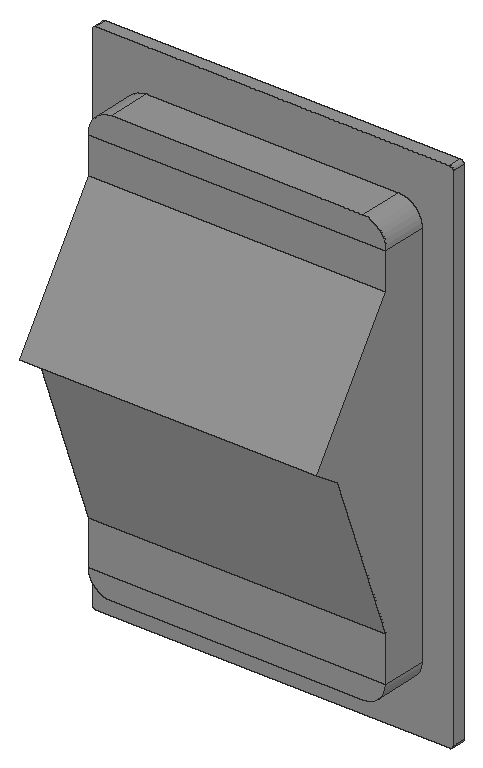
Revit family "L&L_LUCE&LIGHT_PASITO_MINI_1.1", category Lighting Fixtures, host Wall, Revit 2018 (continued)
Parameters (values of type "PASITO_MINI_1.1 – 60°")
    00 0.00 \r\n0.00 0.00 0.00 0.00 0.00 0.00 0.00 0.00 0.00 0.00 0.00 \r\n0.00 0.00 0.00 0.00 0.00 0.00 0.00 0.00 0.00 0.00 0.00 \r\n0.00 0.00 0.00 0.00 0.00 0.00 0.00 0.00 0.00 0.00 0.00 \r\n0.00 0.00 0.00 0.01 0.02 \r\n0.01 0.01 0.01 0.00 0.00 0.00 0.00 0.00 0.00 0.00 0.00 \r\n0.00 0.00 0.00 0.00 0.00 0.00 0.00 0.00 0.00 0.00 0.00 \r\n0.00 0.00 0.00 0.00 0.00 0.00 0.00 0.00 0.00 0.00 0.00 \r\n0.00 0.00 0.00 0.00 0.00 0.00 0.00 0.00 0.00 0.00 0.00 \r\n0.00 0.00 0.00 0.00 0.00 0.00 0.00 0.00 0.00 0.00 0.00 \r\n0.00 0.00 0.00 0.00 0.00 0.00 0.00 0.00 0.00 0.00 0.00 \r\n0.00 0.00 0.00 0.00 0.00 0.00 0.00 0.00 0.00 0.00 0.00 \r\n0.00 0.00 0.00 0.00 0.00 0.00 0.00 0.00 0.00 0.00 0.00 \r\n0.00 0.00 0.00 0.00 0.00 0.00 0.00 0.00 0.00 0.00 0.00 \r\n0.00 0.00 0.00 0.00 0.00 0.00 0.00 0.00 0.00 0.00 0.00 \r\n0.00 0.00 0.00 0.00 0.00 0.00 0.00 0.00 0.00 0.00 0.00 \r\n0.00 0.00 0.00 0.00 0.00 0.00 0.00 0.00 0.00 0.00 0.00 \r\n0.00 0.00 0.00 0.00 0.00 0.00 0.00 0.00 0.00 0.00 0.00 \r\n0.00 0.00 0.00 0.00 0.00 0.00 0.00 0.00 0.00 0.00 0.00 \r\n0.00 0.00 0.00 0.00 0.00 0.00 0.00 0.00 0.00 0.00 0.00 \r\n0.00 0.00 0.00 0.00 0.00 0.00 0.00 0.00 0.00 0.00 0.00 \r\n0.00 0.00 0.00 0.01 0.02 \r\n0.01 0.01 0.01 0.01 0.00 0.00 0.00 0.00 0.00 0.00 0.00 \r\n0.00 0.00 0.00 0.00 0.00 0.00 0.00 0.00 0.00 0.00 0.00 \r\n0.00 0.00 0.00 0.00 0.00 0.00 0.00 0.00 0.00 0.00 0.00 \r\n0.00 0.00 0.00 0.00 0.00 0.00 0.00 0.00 0.00 0.00 0.00 \r\n0.00 0.00 0.00 0.00 0.00 0.00 0.00 0.00 0.00 0.00 0.00 \r\n0.00 0.00 0.00 0.00 0.00 0.00 0.00 0.00 0.00 0.00 0.00 \r\n0.00 0.00 0.00 0.00 0.00 0.00 0.00 0.00 0.00 0.00 0.00 \r\n0.00 0.00 0.00 0.00 0.00 0.00 0.00 0.00 0.00 0.00 0.00 \r\n0.00 0.00 0.00 0.00 0.00 0.00 0.00 0.00 0.00 0.00 0.00 \r\n0.00 0.00 0.00 0.00 0.00 0.00 0.00 0.00 0.00 0.00 0.00 \r\n0.00 0.00 0.00 0.00 0.00 0.00 0.00 0.00 0.00 0.00 0.00 \r\n0.00 0.00 0.00 0.00 0.00 0.00 0.00 0.00 0.00 0.00 0.00 \r\n0.00 0.00 0.00 0.00 0.00 0.00 0.00 0.00 0.00 0.00 0.00 \r\n0.00 0.00 0.00 0.00 0.00 0.00 0.00 0.00 0.00 0.00 0.00 \r\n0.00 0.00 0.00 0.00 0.00 0.00 0.00 0.00 0.00 0.00 0.00 \r\n0.00 0.00 0.00 0.00 0.00 0.00 0.00 0.00 0.00 0.00 0.00 \r\n0.00 0.00 0.01 0.01 0.02 \r\n0.01 0.01 0.02 0.01 0.01 0.00 0.00 0.00 0.00 0.00 0.00 \r\n0.00 0.00 0.00 0.00 0.00 0.00 0.00 0.00 0.00 0.00 0.00 \r\n0.00 0.00 0.00 0.00 0.00 0.00 0.00 0.00 0.00 0.00 0.00 \r\n0.00 0.00 0.00 0.00 0.00 0.00 0.00 0.00 0.00 0.00 0.00 \r\n0.00 0.00 0.00 0.00 0.00 0.00 0.00 0.00 0.00 0.00 0.00 \r\n0.00 0.00 0.00 0.00 0.00 0.00 0.00 0.00 0.00 0.00 0.00 \r\n0.00 0.00 0.00 0.00 0.00 0.00 0.00 0.00 0.00 0.00 0.00 \r\n0.00 0.00 0.00 0.00 0.00 0.00 0.00 0.00 0.00 0.00 0.00 \r\n0.00 0.00 0.00 0.00 0.00 0.00 0.00 0.00 0.00 0.00 0.00 \r\n0.00 0.00 0.00 0.00 0.00 0.00 0.00 0.00 0.00 0.00 0.00 \r\n0.00 0.00 0.00 0.00 0.00 0.00 0.00 0.00 0.00 0.00 0.00 \r\n0.00 0.00 0.00 0.00 0.00 0.00 0.00 0.00 0.00 0.00 0.00 \r\n0.00 0.00 0.00 0.00 0.00 0.00 0.00 0.00 0.00 0.00 0.00 \r\n0.00 0.00 0.00 0.00 0.00 0.00 0.00 0.00 0.00 0.00 0.00 \r\n0.00 0.00 0.00 0.00 0.00 0.00 0.00 0.00 0.00 0.00 0.00 \r\n0.00 0.00 0.00 0.00 0.00 0.00 0.00 0.00 0.00 0.00 0.00 \r\n0.00 0.01 0.01 0.01 0.02 \r\n0.01 0.02 0.02 0.02 0.02 0.02 0.02 0.01 0.01 0.01 0.00 \r\n0.00 0.00 0.00 0.00 0.00 0.00 0.00 0.00 0.00 0.00 0.00 \r\n0.00 0.00 0.00 0.00 0.00 0.00 0.00 0.00 0.00 0.00 0.00 \r\n0.00 0.00 0.00 0.00 0.00 0.00 0.00 0.00 0.00 0.00 0.00 \r\n0.00 0.00 0.00 0.00 0.00 0.00 0.00 0.00 0.00 0.00 0.00 \r\n0.00 0.00 0.00 0.00 0.00 0.00 0.00 0.00 0.00 0.00 0.00 \r\n0.00 0.00 0.00 0.00 0.00 0.00 0.00 0.00 0.00 0.00 0.00 \r\n0.00 0.00 0.00 0.00 0.00 0.00 0.00 0.00 0.00 0.00 0.00 \r\n0.00 0.00 0.00 0.00 0.00 0.00 0.00 0.00 0.00 0.00 0.00 \r\n0.00 0.00 0.00 0.00 0.00 0.00 0.00 0.00 0.00 0.00 0.00 \r\n0.00 0.00 0.00 0.00 0.00 0.00 0.00 0.00 0.00 0.00 0.00 \r\n0.00 0.00 0.00 0.00 0.00 0.00 0.00 0.00 0.00 0.00 0.00 \r\n0.00 0.00 0.00 0.00 0.00 0.00 0.00 0.00 0.00 0.00 0.00 \r\n0.00 0.00 0.00 0.00 0.00 0.00 0.00 0.00 0.00 0.00 0.00 \r\n0.00 0.00 0.00 0.00 0.00 0.00 0.00 0.00 0.00 0.00 0.00 \r\n0.00 0.00 0.00 0.00 0.00 0.00 0.00 0.01 0.01 0.01 0.01 \r\n0.01 0.01 0.01 0.01 0.02 \r\n0.01 0.02 0.02 0.02 0.03 0.03 0.03 0.04 0.04 0.04 0.05 \r\n0.05 0.05 0.06 0.06 0.07 0.07 0.07 0.08 0.08 0.09 0.09 \r\n0.10 0.10 0.10 0.11 0.11 0.12 0.12 0.13 0.13 0.14 0.14 \r\n0.15 0.15 0.16 0.16 0.16 0.17 0.17 0.18 0.18 0.19 0.19 \r\n0.19 0.20 0.20 0.21 0.21 0.21 0.22 0.22 0.23 0.23 0.23 \r\n0.24 0.24 0.25 0.25 0.25 0.26 0.26 0.26 0.27 0.27 0.27 \r\n0.28 0.28 0.28 0.29 0.29 0.29 0.30 0.30 0.30 0.31 0.31 \r\n0.31 0.31 0.31 0.32 0.32 0.32 0.32 0.32 0.32 0.33 0.33 \r\n0.33 0.33 0.33 0.33 0.33 0.33 0.33 0.33 0.33 0.33 0.33 \r\n0.33 0.33 0.33 0.32 0.32 0.32 0.32 0.32 0.31 0.31 0.31 \r\n0.31 0.30 0.30 0.30 0.29 0.29 0.29 0.28 0.28 0.28 0.27 \r\n0.27 0.26 0.26 0.25 0.25 0.24 0.24 0.23 0.23 0.23 0.22 \r\n0.22 0.21 0.21 0.20 0.20 0.19 0.19 0.18 0.18 0.17 0.17 \r\n0.16 0.16 0.15 0.15 0.14 0.14 0.13 0.13 0.12 0.12 0.11 \r\n0.11 0.10 0.10 0.09 0.09 0.08 0.08 0.07 0.07 0.06 0.06 \r\n0.05 0.05 0.04 0.04 0.03 0.03 0.03 0.02 0.02 0.02 0.02 \r\n0.02 0.02 0.02 0.02 0.02 \r\n0.01 0.02 0.04 0.06 0.08 0.10 0.12 0.15 0.18 0.21 0.24 \r\n0.26 0.30 0.36 0.41 0.46 0.51 0.56 0.60 0.65 0.71 0.77 \r\n0.83 0.88 0.94 0.98 1.01 1.04 1.08 1.11 1.15 1.18 1.21 \r\n1.23 1.26 1.28 1.31 1.35 1.38 1.42 1.45 1.49 1.51 1.53 \r\n1.55 1.57 1.59 1.61 1.63 1.65 1.66 1.68 1.69 1.70 1.71 \r\n1.72 1.73 1.75 1.76 1.77 1.78 1.78 1.78 1.77 1.77 1.76 \r\n1.75 1.75 1.75 1.75 1.75 1.74 1.73 1.72 1.71 1.70 1.69 \r\n1.67 1.66 1.65 1.64 1.62 1.61 1.60 1.58 1.57 1.55 1.53 \r\n1.51 1.50 1.48 1.47 1.46 1.45 1.43 1.42 1.40 1.38 1.36 \r\n1.34 1.33 1.31 1.29 1.28 1.26 1.25 1.23 1.20 1.18 1.16 \r\n1.13 1.11 1.09 1.07 1.05 1.03 1.01 0.98 0.96 0.94 0.92 \r\n0.89 0.87 0.85 0.83 0.81 0.79 0.77 0.75 0.73 0.71 0.69 \r\n0.67 0.64 0.62 0.60 0.58 0.56 0.54 0.53 0.51 0.49 0.47 \r\n0.46 0.44 0.42 0.41 0.39 0.37 0.35 0.33 0.32 0.30 0.28 \r\n0.27 0.25 0.24 0.22 0.21 0.20 0.18 0.17 0.15 0.14 0.13 \r\n0.11 0.10 0.09 0.08 0.07 0.06 0.06 0.05 0.04 0.04 0.03 \r\n0.03 0.02 0.02 0.02 0.02 \r\n0.01 0.03 0.06 0.09 0.15 0.22 0.28 0.39 0.50 0.62 0.74 \r\n0.86 0.97 1.08 1.18 1.28 1.37 1.46 1.55 1.64 1.74 1.84 \r\n1.96 2.09 2.24 2.39 2.50 2.57 2.63 2.67 2.68 2.74 2.80 \r\n2.85 2.90 2.95 2.99 3.03 3.09 3.14 3.19 3.25 3.31 3.37 \r\n3.44 3.50 3.56 3.61 3.64 3.67 3.70 3.73 3.76 3.79 3.81 \r\n3.83 3.84 3.85 3.85 3.86 3.87 3.87 3.87 3.87 3.86 3.85 \r\n3.84 3.83 3.81 3.79 3.77 3.74 3.71 3.68 3.64 3.61 3.57 \r\n3.54 3.50 3.46 3.42 3.37 3.33 3.29 3.24 3.19 3.14 3.09 \r\n3.04 2.98 2.93 2.87 2.82 2.77 2.72 2.68 2.63 2.59 2.55 \r\n2.51 2.47 2.43 2.39 2.35 2.31 2.26 2.22 2.18 2.14 2.09 \r\n2.05 2.01 1.97 1.93 1.89 1.85 1.80 1.76 1.72 1.68 1.64 \r\n1.60 1.56 1.52 1.49 1.45 1.41 1.38 1.34 1.31 1.27 1.24 \r\n1.20 1.16 1.13 1.09 1.06 1.03 0.99 0.96 0.93 0.90 0.86 \r\n0.83 0.80 0.77 0.74 0.71 0.67 0.64 0.61 0.59 0.56 0.53 \r\n0.51 0.48 0.45 0.42 0.40 0.37 0.35 0.32 0.30 0.28 0.25 \r\n0.23 0.21 0.19 0.17 0.15 0.13 0.11 0.10 0.08 0.06 0.05 \r\n0.04 0.03 0.02 0.02 0.02 \r\n0.01 0.04 0.08 0.15 0.25 0.43 0.60 0.79 0.97 1.13 1.28 \r\n1.40 1.52 1.62 1.74 1.90 2.09 2.33 2.59 2.90 3.23 3.61 \r\n4.00 4.42 4.80 5.20 5.53 5.84 6.07 6.25 6.37 6.47 6.55 \r\n6.63 6.69 6.72 6.75 6.79 6.87 6.96 7.04 7.12 7.17 7.22 \r\n7.27 7.32 7.39 7.44 7.49 7.51 7.53 7.54 7.56 7.58 7.62 \r\n7.64 7.64 7.63 7.62 7.61 7.60 7.58 7.55 7.50 7.44 7.37 \r\n7.29 7.22 7.14 7.07 6.99 6.91 6.82 6.73 6.64 6.55 6.45 \r\n6.35 6.26 6.16 6.07 5.97 5.88 5.78 5.68 5.57 5.47 5.37 \r\n5.27 5.16 5.05 4.93 4.81 4.68 4.54 4.39 4.23 4.07 3.90 \r\n3.75 3.62 3.50 3.41 3.33 3.27 3.21 3.15 3.09 3.03 2.97 \r\n2.91 2.85 2.80 2.74 2.69 2.63 2.58 2.52 2.47 2.41 2.36 \r\n2.31 2.26 2.21 2.16 2.10 2.05 2.00 1.95 1.90 1.85 1.80 \r\n1.74 1.69 1.64 1.59 1.55 1.51 1.46 1.41 1.36 1.32 1.27 \r\n1.23 1.18 1.14 1.09 1.05 1.00 0.96 0.92 0.88 0.84 0.80 \r\n0.75 0.71 0.67 0.63 0.59 0.56 0.52 0.48 0.45 0.42 0.39 \r\n0.35 0.32 0.29 0.26 0.23 0.20 0.18 0.15 0.13 0.10 0.08 \r\n0.05 0.03 0.02 0.02 0.02 \r\n0.01 0.04 0.10 0.21 0.43 0.70 0.95 1.16 1.34 1.49 1.61 \r\n1.77 1.97 2.27 2.66 3.11 3.61 4.17 4.79 5.50 6.22 6.95 \r\n7.68 8.42 9.12 10.00 10.78 11.44 12.00 12.38 12.61 12.73 \r\n12.80 12.91 12.97 12.99 12.95 12.92 12.96 13.05 13.14 \r\n13.19 13.19 13.17 13.18 13.18 13.20 13.18 13.15 13.11 \r\n13.07 13.02 12.96 12.89 12.80 12.74 12.66 12.60 12.52 \r\n12.43 12.33 12.21 12.08 11.94 11.79 11.63 11.47 11.29 \r\n11.11 10.94 10.76 10.58 10.39 10.21 10.03 9.84 9.66 9.48 \r\n9.31 9.13 8.95 8.78 8.60 8.43 8.25 8.08 7.91 7.74 7.57 \r\n7.40 7.23 7.07 6.90 6.73 6.54 6.34 6.13 5.90 5.66 5.41 \r\n5.14 4.88 4.63 4.41 4.23 4.10 4.01 3.95 3.90 3.86 3.80 \r\n3.74 3.67 3.60 3.53 3.46 3.39 3.33 3.26 3.20 3.13 3.06 \r\n2.99 2.92 2.85 2.79 2.73 2.67 2.60 2.53 2.46 2.40 2.34 \r\n2.27 2.20 2.14 2.07 2.01 1.95 1.89 1.82 1.76 1.69 1.63 \r\n1.57 1.51 1.45 1.39 1.34 1.28 1.23 1.17 1.11 1.06 1.00 \r\n0.95 0.90 0.84 0.79 0.74 0.69 0.65 0.60 0.56 0.51 0.47 \r\n0.43 0.39 0.35 0.31 0.27 0.24 0.21 0.18 0.14 0.11 0.07 \r\n0.04 0.02 0.02 0.02 \r\n0.01 0.05 0.13 0.33 0.64 0.97 1.24 1.43 1.59 1.77 2.04 \r\n2.42 2.91 3.49 4.18 4.99 5.91 6.89 7.86 8.92 10.16 11.55 \r\n13.02 14.51 16.14 17.80 19.37 20.81 22.16 23.21 23.76 \r\n23.83 23.65 23.53 23.52 23.54 23.56 23.50 23.42 23.41 \r\n23.36 23.25 23.12 23.04 22.94 22.83 22.72 22.62 22.50 \r\n22.33 22.12 21.94 21.76 21.61 21.45 21.28 21.07 20.84 \r\n20.58 20.33 20.09 19.88 19.65 19.41 19.14 18.85 18.53 \r\n18.19 17.83 17.47 17.11 16.76 16.42 16.07 15.71 15.32 \r\n14.93 14.53 14.12 13.72 13.31 12.92 12.53 12.15 11.77 \r\n11.40 11.05 10.70 10.36 10.04 9.73 9.43 9.15 8.87 8.60 \r\n8.32 8.04 7.76 7.47 7.17 6.87 6.58 6.29 6.01 5.74 5.49 \r\n5.27 5.08 4.93 4.82 4.73 4.66 4.59 4.53 4.46 4.38 4.30 \r\n4.22 4.13 4.04 3.96 3.87 3.79 3.71 3.62 3.54 3.45 3.37 \r\n3.29 3.21 3.12 3.03 2.95 2.86 2.77 2.69 2.61 2.53 2.45 \r\n2.37 2.29 2.21 2.13 2.06 1.98 1.90 1.83 1.75 1.68 1.61 \r\n1.54 1.47 1.40 1.33 1.26 1.19 1.13 1.06 1.00 0.94 0.88 \r\n0.82 0.76 0.70 0.65 0.59 0.54 0.49 0.44 0.39 0.35 0.31 \r\n0.27 0.22 0.18 0.14 0.09 0.05 0.03 0.02 0.02 \r\n0.01 0.06 0.15 0.44 0.85 1.20 1.44 1.61 1.86 2.27 2.80 \r\n3.43 4.18 5.08 6.18 7.42 8.72 10.16 11.87 13.81 15.91 \r\n18.28 20.95 23.75 26.69 29.87 33.01 35.68 37.75 39.22 \r\n40.09 40.49 40.46 40.22 40.17 40.33 40.40 40.26 40.04 \r\n39.89 39.84 39.75 39.57 39.35 39.09 38.76 38.43 38.19 \r\n38.01 37.78 37.44 37.07 36.70 36.30 35.89 35.47 35.01 \r\n34.48 33.93 33.45 32.99 32.52 31.98 31.42 30.86 30.30 \r\n29.69 29.05 28.38 27.71 27.04 26.37 25.67 24.95 24.23 \r\n23.49 22.75 21.98 21.19 20.38 19.56 18.74 17.93 17.15 \r\n16.40 15.68 15.00 14.35 13.73 13.16 12.62 12.13 11.67 \r\n11.23 10.82 10.41 10.02 9.63 9.25 8.88 8.53 8.18 7.86 \r\n7.54 7.24 6.95 6.67 6.42 6.19 6.00 5.85 5.72 5.62 5.52 \r\n5.43 5.34 5.24 5.13 5.03 4.92 4.82 4.71 4.61 4.51 4.41 \r\n4.31 4.20 4.10 4.00 3.89 3.79 3.68 3.58 3.48 3.37 3.27 \r\n3.17 3.07 2.98 2.88 2.77 2.68 2.58 2.49 2.39 2.30 2.21 \r\n2.13 2.04 1.96 1.87 1.78 1.69 1.60 1.52 1.44 1.36 1.28 \r\n1.21 1.13 1.05 0.98 0.91 0.84 0.78 0.72 0.65 0.59 0.53 \r\n0.48 0.42 0.37 0.32 0.27 0.22 0.17 0.12 0.07 0.03 0.02 \r\n0.02 \r\n0.01 0.06 0.21 0.59 1.03 1.37 1.58 1.85 2.36 3.01 3.75 \r\n4.66 5.77 7.15 8.67 10.26 12.20 14.54 17.09 19.96 23.38 \r\n27.18 31.34 35.82 40.02 43.76 47.10 49.82 51.81 52.93 \r\n53.29 53.70 54.47 55.21 55.70 56.06 56.38 56.65 56.97 \r\n57.33 57.61 57.64 57.47 57.33 57.25 57.13 56.94 56.63 \r\n56.21 55.76 55.32 54.85 54.31 53.68 53.00 52.27 51.49 \r\n50.72 49.95 49.14 48.27 47.35 46.37 45.36 44.35 43.37 \r\n42.37 41.32 40.20 39.05 37.92 36.79 35.65 34.45 33.22 \r\n31.93 30.63 29.34 28.03 26.72 25.42 24.15 22.90 21.70 \r\n20.57 19.50 18.51 17.60 16.76 15.98 15.27 14.61 14.00 \r\n13.42 12.87 12.33 11.81 11.32 10.84 10.40 9.98 9.59 9.23 \r\n8.90 8.60 8.31 8.04 7.78 7.53 7.28 7.06 6.85 6.67 6.52 \r\n6.40 6.29 6.18 6.06 5.93 5.82 5.69 5.56 5.43 5.31 5.19 \r\n5.06 4.94 4.82 4.70 4.58 4.45 4.33 4.22 4.10 3.98 3.86 \r\n3.74 3.62 3.50 3.38 3.26 3.14 3.03 2.92 2.81 2.69 2.59 \r\n2.49 2.39 2.28 2.18 2.07 1.98 1.88 1.78 1.67 1.58 1.50 \r\n1.40 1.32 1.23 1.15 1.07 0.99 0.91 0.83 0.76 0.69 0.62 \r\n0.55 0.49 0.43 0.37 0.32 0.26 0.20 0.14 0.08 0.04 0.02 \r\n0.02 \r\n0.01 0.07 0.27 0.73 1.20 1.50 1.76 2.25 2.98 3.80 4.83 \r\n6.14 7.76 9.45 11.30 13.74 16.57 19.71 23.54 27.96 32.63 \r\n37.73 42.90 47.67 51.58 54.44 56.50 57.94 59.13 60.32 \r\n61.44 62.46 63.53 64.62 65.53 66.24 66.88 67.61 68.34 \r\n68.91 69.26 69.49 69.70 69.89 70.06 70.14 70.07 69.88 \r\n69.64 69.36 68.99 68.47 67.83 67.15 66.46 65.72 64.89 \r\n63.96 62.95 61.87 60.72 59.53 58.31 57.04 55.69 54.34 \r\n52.96 51.47 49.94 48.40 46.82 45.18 43.49 41.77 40.01 \r\n38.20 36.34 34.46 32.60 30.77 29.01 27.33 25.75 24.28 \r\n22.94 21.71 20.58 19.55 18.61 17.75 16.96 16.24 15.57 \r\n14.93 14.32 13.73 13.16 12.62 12.11 11.64 11.20 10.79 \r\n10.41 10.06 9.74 9.45 9.18 8.95 8.73 8.52 8.30 8.06 7.82 \r\n7.57 7.35 7.17 7.04 6.93 6.80 6.65 6.50 6.36 6.24 6.10 \r\n5.94 5.80 5.67 5.54 5.38 5.23 5.10 4.98 4.83 4.69 4.55 \r\n4.42 4.28 4.15 4.02 3.88 3.74 3.61 3.48 3.35 3.21 3.09 \r\n2.97 2.84 2.72 2.59 2.48 2.37 2.25 2.13 2.03 1.92 1.81 \r\n1.70 1.60 1.50 1.40 1.30 1.21 1.12 1.03 0.95 0.86 0.78 \r\n0.71 0.63 0.56 0.49 0.42 0.36 0.29 0.23 0.16 0.10 0.04 \r\n0.02 0.02 \r\n0.01 0.07 0.33 0.85 1.33 1.59 2.00 2.72 3.61 4.70 6.13 \r\n7.90 9.72 11.86 14.65 17.90 21.69 26.22 31.29 36.88 42.92 \r\n48.75 53.54 56.97 59.28 61.23 63.09 64.94 66.56 68.08 \r\n69.76 71.37 72.83 74.07 75.32 76.66 77.80 78.78 79.76 \r\n80.67 81.43 82.06 82.64 83.10 83.46 83.74 83.80 83.77 \r\n83.78 83.74 83.50 83.00 82.36 81.66 80.90 80.08 79.20 \r\n78.23 77.16 76.00 74.73 73.30 71.76 70.19 68.58 66.88 \r\n65.09 63.23 61.27 59.21 57.03 54.72 52.31 49.82 47.23 \r\n44.57 41.89 39.25 36.68 34.24 31.96 29.88 27.98 26.27 \r\n24.72 23.34 22.09 20.97 19.96 19.04 18.21 17.45 16.74 \r\n16.08 15.44 14.82 14.23 13.67 13.15 12.67 12.22 11.81 \r\n11.42 11.06 10.73 10.42 10.15 9.90 9.68 9.48 9.29 9.10 \r\n8.89 8.65 8.38 8.12 7.89 7.71 7.57 7.43 7.27 7.10 6.94 \r\n6.80 6.66 6.51 6.34 6.18 6.04 5.89 5.73 5.55 5.40 5.27 \r\n5.11 4.94 4.80 4.65 4.49 4.35 4.20 4.05 3.90 3.76 3.61 \r\n3.47 3.34 3.19 3.05 2.92 2.78 2.65 2.53 2.40 2.27 2.15 \r\n2.03 1.91 1.80 1.68 1.58 1.46 1.35 1.25 1.15 1.06 0.96 \r\n0.87 0.79 0.70 0.62 0.55 0.47 0.39 0.32 0.25 0.18 0.11 \r\n0.05 0.02 0.02 \r\n0.01 0.08 0.38 0.97 1.43 1.70 2.29 3.18 4.29 5.73 7.55 \r\n9.52 11.82 14.84 18.45 22.56 27.60 33.40 39.87 46.73 \r\n52.80 57.39 60.47 62.96 65.37 67.74 69.93 72.13 74.37 \r\n76.40 78.50 80.51 82.32 84.08 85.82 87.46 88.92 90.35 \r\n91.74 93.06 94.25 95.21 96.05 96.90 97.57 98.06 98.46 \r\n98.68 98.77 98.76 98.60 98.25 97.82 97.30 96.60 95.78 \r\n94.79 93.65 92.50 91.24 89.82 88.26 86.51 84.67 82.73 \r\n80.64 78.45 76.16 73.69 71.00 68.10 65.00 61.70 58.22 \r\n54.61 50.94 47.31 43.80 40.49 37.44 34.67 32.19 30.00 \r\n28.06 26.33 24.81 23.45 22.25 21.17 20.19 19.30 18.50 \r\n17.75 17.05 16.38 15.73 15.12 14.55 14.02 13.53 13.08 \r\n12.65 12.26 11.91 11.57 11.26 10.97 10.71 10.47 10.26 \r\n10.07 9.89 9.72 9.52 9.29 9.02 8.75 8.50 8.29 8.13 7.98 \r\n7.83 7.65 7.45 7.28 7.12 6.98 6.81 6.62 6.45 6.28 6.12 \r\n5.95 5.77 5.61 5.45 5.28 5.11 4.94 4.79 4.62 4.46 4.31 \r\n4.15 3.98 3.83 3.66 3.51 3.36 3.21 3.06 2.92 2.78 2.64 \r\n2.49 2.36 2.24 2.11 1.98 1.85 1.73 1.61 1.49 1.37 1.26 \r\n1.16 1.06 0.96 0.86 0.77 0.68 0.60 0.51 0.43 0.35 0.27 \r\n0.20 0.13 0.06 0.02 0.02 \r\n0.01 0.08 0.44 1.08 1.49 1.82 2.59 3.64 5.00 6.78 8.83 \r\n11.15 14.24 18.03 22.33 27.65 34.06 41.17 48.59 55.00 \r\n59.49 62.83 65.79 68.61 71.33 74.09 76.91 79.51 82.09 \r\n84.72 87.14 89.45 91.83 94.16 96.20 98.14 100.17 102.06 \r\n103.86 105.52 107.04 108.36 109.48 110.62 111.60 112.30 \r\n112.89 113.43 113.72 113.83 113.72 113.49 113.23 112.79 \r\n112.15 111.32 110.35 109.23 107.95 106.52 104.96 103.25 \r\n101.39 99.35 97.10 94.65 91.98 89.07 85.89 82.42 78.66 \r\n74.62 70.30 65.79 61.18 56.55 52.04 47.77 43.82 40.27 \r\n37.11 34.32 31.86 29.70 27.81 26.16 24.69 23.39 22.23 \r\n21.18 20.24 19.40 18.62 17.89 17.18 16.51 15.88 15.29 \r\n14.75 14.24 13.79 13.36 12.96 12.59 12.25 11.94 11.66 \r\n11.40 11.16 10.94 10.74 10.55 10.37 10.21 10.04 9.81 9.55 \r\n9.26 9.00 8.76 8.57 8.41 8.26 8.07 7.87 7.67 7.49 7.33 \r\n7.18 6.99 6.78 6.60 6.43 6.26 6.07 5.89 5.71 5.54 5.36 \r\n5.18 5.01 4.84 4.66 4.48 4.31 4.14 3.98 3.81 3.63 3.48 \r\n3.32 3.17 3.01 2.85 2.71 2.56 2.41 2.27 2.14 2.00 1.88 \r\n1.74 1.61 1.48 1.36 1.25 1.15 1.04 0.93 0.83 0.73 0.64 \r\n0.55 0.46 0.37 0.29 0.21 0.14 0.06 0.02 0.02 \r\n0.01 0.08 0.50 1.16 1.54 1.97 2.87 4.07 5
